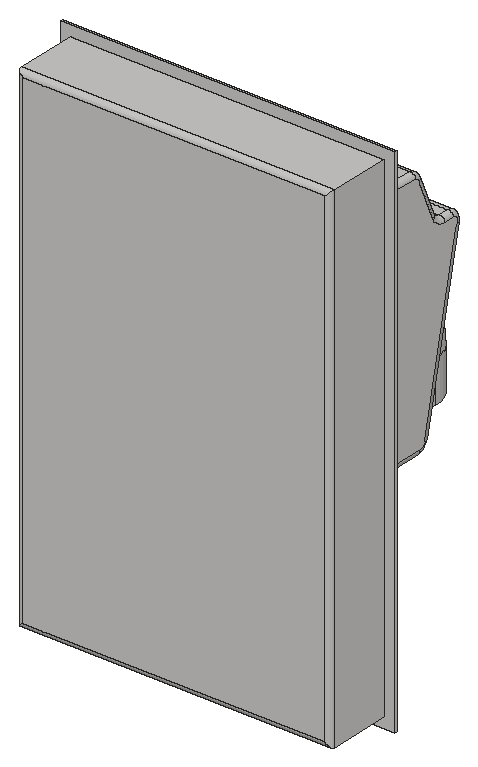
Revit family
Parameters (values of type "As Specified")
  Warranty Duration (Years) = 5
  Voltage_MEP = 120 V
  Unit Width = 0' - 0"
  Unit Height = 0' - 0"
  Unit Depth = 0' - 0"
  URL = "http://www.worlddryer.com/"
  Specification = "http://www.arcat.com/sdspecs/htm/10811wdr.htm"
  Send Message = "http://www.arcat.com/users.pl?action=UserEmail&company=World%20Dryer%20Corp.&coid=36616&rep=111&fax=708-449-6958&mf="
  Sales Information = "http://www.worlddryer.com/find-a-distributor"
  Reqd Wire Gauge = 14
  Recess Kit = Stainless Steel - 16 ga 18-8 Type 304
  Recess = 0' - 3 1/8"
  Manufacturer Phone - Toll Free = "800-323-0701 "
  MEP Apparent Power [instance] = Voltage_MEP * MEP Amperage  # 1500 VA
  MEP Amperage = 12.5 A
  Insrtloc = Recess + 0' 0 1/8"  # 0' - 3 1/4"
  Product Properties = "http://www.arcat.com/bim/bim_info.pl?fn=WorldDryer"
  Product Data = "http://www.arcat.com/arcatcos/cos36/arc36616.html"
  Opening Width = 1' - 3 1/8"
  Opening Offset = 0' - 10"
  Opening Height = 2' - 0 1/8"
  Mounting Height [instance] = 3' - 1"
  Motor = "Motor shall be universal type, 1/10 HP at 7500 RPM"
  Model = "As Specified in 10 28 00"
  Manufacturer Website = "http://www.worlddryer.com/"
  Manufacturer Phone = "708-449-6950 "
  Manufacturer Fax = "708-449-6958"
  Manufacturer Address = "5700 McDermott Dr., Berkeley, IL 60163-1102"
  Manufacturer = "World Dryer Corp."
  Maintenance Schedule (Months) = 0
  Keynote = "10 28 00"
  Installation-Fabrication = "http://www.worlddryer.com/all-hand-dryers"
  Installation Phase = "Interior Fittings"
  Heating Element = "Incorporates a 2100 (optional 1500) watt Nichrome wire heating element Protected by an automatic-resetting, thermal cutoff"
  Hardware Finish = Polished Stainless Steel
  Green Building-LEED = "http://www.arcat.com/green/clients/leed_data_36616.html"
  Frequency = 60 Hz
  Expected Lifespan (Years) = 0
  Drawn By = "Robert S. Weygant, CSI, CDT, SCIP"
  Description = "Hand Dryer as Specified in 10 28 00"
  Cover Material = No. 4 Brushed Finish
  Copyright = "2010, ARCAT, Inc."
  Construction Details = "http://www.arcat.com/details/worlddry/worlddry.html?coid=36616"
  Assembly Code = "C1030210"
  Air Temperature = "70°F"
  Air Output = "Dryers shall deliver 154 cubic feet per minute of air volume (7300 LFM)"
  Actuation = "Manual"
  ADA Compliant [instance] = and(Mounting Height < 4' 0", Mounting Height > 1' 3", Recess > 0' 3")  # yes
Reference planes (in)
  plane 1: y = 0
  plane 2 "Center (Left/Right)": x = 0.046804
  plane 3 "Wall Edge": y = 4
  plane 4: y = 14
  plane 5: z = 37
  plane 6 "Connection Plane": y = 0.75
  plane 7: z = 27
  plane 8: y = 0.875
Forms (in)
  Extrusion 1, void
    sketch origin (0, 0.75, 0) x (-1, 0, 0) y (0, 0, 1)
      loop
        line (-7.609304, 27) -> (7.515696, 27) -> (7.515696, 51.125) -> (-7.609304, 51.125) -> (-7.609304, 27)
    from 0 to 3.25
  Extrusion 2, solid, material "Stainless Steel - 22 ga 18-8 Type 304", visible <- "ADA Compliant"
    sketch origin (0, 0.75, 0) x (-1, 0, 0) y (0, 0, 1)
      loop
        line (-0.921804, 40.875) -> (-0.921804, 37.125) -> (0.828196, 37.125) -> (0.828196, 40.875) -> (-0.921804, 40.875)
    from 0.2610408 to 0.1310613
  Sweep 3, solid, material "Stainless Steel - 16 ga 18-8 Type 304" <- "Recess Kit"
    path origin (-60, 4, 0) x (-1, 0, 0) y (0, 0, 1)
      loop
        line (-52.484304, 27) -> (-52.484304, 51.125) -> (-67.609304, 51.125) -> (-67.609304, 27) -> (-52.484304, 27)
    profile origin (0.046804, 4, 27) x (0, 0, -1) y (0, 1, 0)
      loop
        line (0, -3) -> (0, 0) -> (0.5, 0) -> (0.5, 0.125) -> (-0.125, 0.125) -> (-0.125, -2.875)
        arc (-0.125, -2.875) -> (-0.1982233, -3.0517767) -> (-0.375, -3.125) r 0.25
        line (-0.375, -3.125) -> (-1, -3.125) -> (-1, -3.25) -> (-0.25, -3.25)
        arc (-0.25, -3.25) -> (-0.0732233, -3.1767767) -> (0, -3) r 0.25
  Extrusion 4, solid, material "Stainless Steel - 16 ga 18-8 Type 304" <- "Recess Kit"
    sketch origin (-1.2965807, 0.75, 48) x (-1, 0, 0) y (0, 0, 1)
      loop
        line (-7.9058847, 2.125) -> (-7.9058847, -20) -> (5.2191153, -20) -> (5.2191153, 2.125) -> (-7.9058847, 2.125)
    from 0 to 0.125
Cuts and joins
  joined: Sweep 3, Extrusion 4
Text (in)
  text "Interior" at (0, 40.1514891, 123.0158834), in view "A 203 - Side Elevation"
  text "Interior" at (-70.3804009, 41.2888511, 0), in view "A-101 Plan View"
  text "Interior" at (0, 81.6255543, 140.5994741), in view "Left"
  text "Exterior" at (-70.3804009, -27.0421791, 0), in view "A-101 Plan View"
  text "Exterior" at (0, -34.7508597, 140.5994741), in view "Left"
  text "Exterior" at (0, -52.2472472, 123.0158834), in view "A 203 - Side Elevation"
Dimensions and locks (in)
  host wall to plane 3 "Wall Edge" = 0' - 0"
  "Mounting Height": plane 5 to level
  equal spacing: Extrusion 1 sketch curve, plane 2 "Center (Left/Right)", Extrusion 1 sketch curve
  "Opening Width": Extrusion 1 sketch curve to Extrusion 1 sketch curve
  "Opening Height": Extrusion 1 sketch curve to Extrusion 1 sketch curve
  "Insrtloc": plane 6 "Connection Plane" to plane 3 "Wall Edge"
  "Opening Offset": plane 7 to plane 5
  locked: Extrusion 2 to Extrusion 2 at 0.1299796
  equal spacing: Sweep 3 sketch curve, plane 2 "Center (Left/Right)", Sweep 3 sketch curve
  "Opening Width": Sweep 3 sketch curve to Sweep 3 sketch curve
  "Opening Height": plane 7 to Sweep 3 sketch curve
  locked: plane 8 to plane 6 "Connection Plane" at 0.125
  aligned and locked: plane 3 "Wall Edge" to host wall
  aligned and locked: Extrusion 1 sketch curve to plane 7
  aligned and locked: Extrusion 1 to plane 3 "Wall Edge"
  aligned and locked: Extrusion 1 to plane 6 "Connection Plane"
  aligned and locked: nested 1 to plane 2 "Center (Left/Right)"
  aligned and locked: nested 1 to plane 5
  aligned and locked: Extrusion 4 sketch curve to Sweep 3  (x3)
  aligned and locked: Sweep 3 to Extrusion 4 sketch curve
  aligned and locked: Extrusion 4 to plane 6 "Connection Plane"
  aligned and locked: plane 8 to Extrusion 4
  aligned and locked: plane 8 to nested 1
Automatic sketch dimensions
  Extrusion 2 sketch curve to plane 5 = 0' - 0 1/8"
  plane 2 "Center (Left/Right)" to Extrusion 2 sketch curve = 0' - 0 7/8"
  Extrusion 2 sketch curve to plane 2 "Center (Left/Right)" = 0' - 0 7/8"
  Extrusion 2 sketch curve to Extrusion 2 sketch curve = 0' - 3 3/4"
  Sweep 3 sketch curve to plane 7 = 0' - 0"
  Sweep 3 sketch curve to profile plane = 0' - 3 1/8"
  profile plane to Sweep 3 sketch curve = 0' - 1"
  Sweep 3 sketch curve to Sweep 3 sketch curve = 0' - 0 5/8"
  Sweep 3 sketch curve to Sweep 3 sketch curve = 0' - 0 1/8"  (x5)
  Sweep 3 sketch curve to Sweep 3 sketch curve = 0' - 0 1/2"
  Sweep 3 sketch curve to Sweep 3 sketch curve = 0' - 2 7/8"
Nested families (in)
  nested 1: "World Dryer_Component_Recess Mounted" at (0.046804, 0.875, 37) x (-1, 0, 0) z (0, 0, 1), type "World Dryer_Component_Recess Mounted"
Connectors (in)
  electrical at (0.046804, 0.8810613, 39), driven by "Voltage_MEP", driven by "MEP Apparent Power"
    settings: on Extrusion 2, index 1
Definition of nested family "World Dryer_Component_Recess Mounted"
  Parameters (values of type "World Dryer_Component_Recess Mounted")
    Hardware Finish = Polished Stainless Steel
    Cover Material = No. 4 Brushed Finish
    Assembly Code = ""
  Reference planes (in)
    plane 1 "Center (Front/Back)": y = 0
    plane 2: z = 0
    plane 3 "Center (Left/Right)": x = 0
    plane 4: y = -10.1
    plane 5: z = 0
    plane 6: z = 12.5
    plane 7: x = 7.2
    plane 8: x = -7.2
  Forms (in)
    Sweep 1, solid, material "Polished Stainless Steel" <- "Hardware Finish"
      path origin (0, -1.9635958, 0.7244444) x (0, 1, 0) y (0, 0, 1)
        loop
          line (-6.4317468, -0.2916753) -> (-6.4317468, 1.7083247)
          arc (-6.4317468, 1.7083247) -> (-6.0284834, 2.7036547) -> (-5.0461417, 3.1375993) r 1.4299628
      profile origin (0, -8.3953426, 1.432769) x (0, -1, 0) y (1, 0, 0)
        loop
          line (0, -5.6875) -> (0.2112717, -5.6875)
          arc (0.2112717, -5.6875) -> (1.8987717, -4) -> (0.2112717, -2.3125) r 1.6875
          line (0.2112717, -2.3125) -> (0, -2.3125) -> (0, -5.6875)
    Extrusion 2, solid, material "Polished Stainless Steel" <- "Hardware Finish"
      sketch origin (-5.6875, -8.6066143, 0.432769) x (0, 0, 1) y (0, 1, 0)
        loop
          line (0, 0.2112717) -> (2, 0.2112717)
          arc (2, 0.2112717) -> (2.99533, 0.614535) -> (3.4292746, 1.5968767) r 1.4299628
          line (3.4292746, 1.5968767) -> (0, 2.3616729) -> (0, 0.2112717)
      from -3.375 to 0
    Extrusion 3, solid, material "No. 4 Brushed Finish" <- "Cover Material"
      sketch origin (14.2375, -8.9126441, 9.2881595) x (0, -0.392177, -0.91989) y (1, 0, 0)
        loop
          line (-3.2911409, -19.925) -> (-1.6593988, -19.925) -> (-1.6593988, -8.55) -> (-3.2911409, -8.55) -> (-3.2911409, -19.925)
      from -1.7026879 to -1.6637194
    Extrusion 4, solid, material "No. 4 Brushed Finish" <- "Cover Material"
      sketch origin (-5.6875, 0, 0) x (0, 1, 0) y (0, 0, 1)
        loop
          arc (0, 12.5) -> (-2.733603, 12.4824178) -> (-5.4637875, 12.344622) r 62.1383403
          arc (-5.4637875, 12.344622) -> (-5.718163, 12.2528437) -> (-5.8875445, 12.0420357) r 0.5
          line (-5.8875445, 12.0420357) -> (-6.7510376, 10.0168025)
          arc (-6.7510376, 10.0168025) -> (-6.935342, 9.7957415) -> (-7.2109763, 9.7129053) r 0.5
          line (-7.2109763, 9.7129053) -> (-7.7444171, 9.7129053)
          arc (-7.7444171, 9.7129053) -> (-8.1348974, 9.5251955) -> (-8.2321897, 9.1030059) r 0.5
          line (-8.2321897, 9.1030059) -> (-6.2918312, 0.4910064)
          arc (-6.2918312, 0.4910064) -> (-6.0709574, 0.1378488) -> (-5.6778884, 0) r 0.6293331
          line (-5.6778884, 0) -> (0, 0) -> (0, 12.5)
      from -1.5125 to 12.8875
    Sweep 5, void
      path origin (-6.325, 0, 0) x (0, 1, 0) y (0, 0, 1)
        loop
          arc (1.3092873, 12.4658125) -> (-2.0789028, 12.4975838) -> (-5.4637875, 12.344622) r 62.1383403
          arc (-5.4637875, 12.344622) -> (-5.718163, 12.2528437) -> (-5.8875445, 12.0420357) r 0.5
          line (-5.8875445, 12.0420357) -> (-6.7510376, 10.0168025)
          arc (-6.7510376, 10.0168025) -> (-6.935342, 9.7957415) -> (-7.2109763, 9.7129053) r 0.5
          line (-7.2109763, 9.7129053) -> (-7.7444171, 9.7129053)
          arc (-7.7444171, 9.7129053) -> (-8.1348974, 9.5251955) -> (-8.2321897, 9.1030059) r 0.5
          line (-8.2321897, 9.1030059) -> (-6.2918312, 0.4910064)
          arc (-6.2918312, 0.4910064) -> (-6.0709574, 0.1378488) -> (-5.6778884, 0) r 0.6293331
          line (-5.6778884, 0) -> (0.2248163, 0)
      profile origin (-6.325, -5.6778884, 0) x (0, 0, -1) y (1, 0, 0)
        loop
          line (0, -0.875) -> (0, -0.625)
          arc (0, -0.625) -> (-0.0732233, -0.8017767) -> (-0.25, -0.875) r 0.25
          line (-0.25, -0.875) -> (0, -0.875)
    Sweep 6, void
      path origin (6.325, 0, 0) x (0, 1, 0) y (0, 0, -1)
        loop
          arc (1.3092873, -12.4658125) -> (-2.0789028, -12.4975838) -> (-5.4637875, -12.344622) r 62.1383403
          arc (-5.4637875, -12.344622) -> (-5.718163, -12.2528437) -> (-5.8875445, -12.0420357) r 0.5
          line (-5.8875445, -12.0420357) -> (-6.7510376, -10.0168025)
          arc (-6.7510376, -10.0168025) -> (-6.935342, -9.7957415) -> (-7.2109763, -9.7129053) r 0.5
          line (-7.2109763, -9.7129053) -> (-7.7444171, -9.7129053)
          arc (-7.7444171, -9.7129053) -> (-8.1348974, -9.5251955) -> (-8.2321897, -9.1030059) r 0.5
          line (-8.2321897, -9.1030059) -> (-6.2918312, -0.4910064)
          arc (-6.2918312, -0.4910064) -> (-6.0709574, -0.1378488) -> (-5.6778884, 0) r 0.6293331
          line (-5.6778884, 0) -> (0.2248163, 0)
      profile origin (6.325, -5.6778884, 0) x (0, 0, 1) y (-1, 0, 0)
        loop
          line (0, -0.875) -> (0.25, -0.875)
          arc (0.25, -0.875) -> (0.0732233, -0.8017767) -> (0, -0.625) r 0.25
          line (0, -0.625) -> (0, -0.875)
    Revolve 7, solid, material "Polished Stainless Steel" <- "Hardware Finish"
      sketch origin (0.1393474, -13.1508343, 2.7975004) x (0, 0.975545, 0.219799) y (1, 0, 0)
        loop
          line (6.184303, 2.9891332) -> (6.184303, 4.1453832) -> (5.5625333, 4.1453832)
          arc (5.5625333, 4.1453832) -> (5.474785, 4.1137591) -> (5.4273847, 4.0334281) r 0.1375512
          arc (5.4273847, 4.0334281) -> (5.3397129, 3.5128473) -> (5.2732736, 2.9891332) r 12.9850316
          line (5.2732736, 2.9891332) -> (6.184303, 2.9891332)
        axis (5.2732736, 2.9891332) -> (6.184303, 2.9891332)
      angle from 0 to 360
  Cuts and joins
    Sweep 5, Sweep 6 cuts Extrusion 4
    joined: Sweep 1, Extrusion 2
  Dimensions and locks (in)
    plane 1 "Center (Front/Back)" to plane 4 = 0' - 10.1"
    Sweep 1 sketch curve to Sweep 1 sketch curve to profile plane = 0' - 3 3/8", 0' - 2 5/16"
    plane 6 to plane 2 = 1' - 0 1/2"
    Extrusion 3 sketch curve to plane 3 "Center (Left/Right)" to Extrusion 3 sketch curve = 0' - 5 11/16", 0' - 5 11/16"
    plane 6 to plane 5 = 1' - 0 1/2"
    plane 7 to plane 8 = 1' - 2.4"
    aligned and locked: Extrusion 4 to plane 8
    aligned and locked: Extrusion 4 to plane 7
    aligned and locked: plane 3 "Center (Left/Right)" to text3d elem
